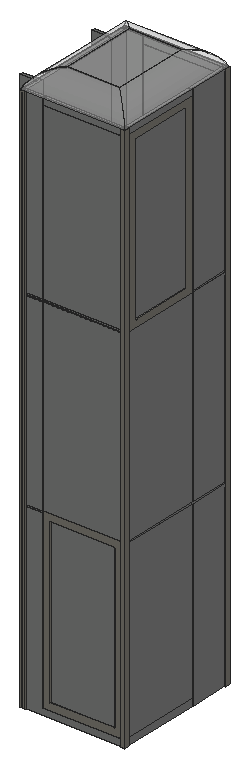
Revit family "Vertical-Lift_Garaventa_Genesis-Enclosure", category Specialty Equipment, Revit 2026
Family settings
  Round Connector Dimension = Use Diameter
  Part Type = Normal
  Classification Number = 23.50.05.11
  Work Plane-Based = No
  Enable Cutting in Views = No
  Always vertical = Yes
  Cut with Voids When Loaded = No
  Maintain Annotation Orientation = No
  Shared = No
  Room Calculation Point = No
Parameters
  Warranty Duration (Years) = 1
  Voltage_MEP [instance] = 120 V
  URL = "www.garaventa.ca"
  Type Comments = ""
  Top Door Head B [instance] = not(and(Top Gate, [180º]))  # yes
  Top Door Head R [instance] = not(or(and(Top Gate, [360ºOpp]), and(Top Gate, [90º])))  # yes
  Top Dome = yes
  Specification = "http://www.arcat.com/sd/clients/garavent.html?coid=32685"
  SpecWizard = "http://www.arcat.com/specwizard/14425gar/index.htm?mf=&coid=32685"
  Side Wall = 16 Ga Galvanized Sheet Steel - Satin Gray
  Top Door Head F [instance] = not(and(Top Gate, [360ºAdj]))  # yes
  Send Message = "http://admin.arcat.com/users.pl?action=UserEmail&company=Garaventa%20Lift&coid=32685&rep=133&fax=604-594-9915&mf="
  Sales Information = "http://architects.garaventa.ca/dealer/index.html"
  R W Upp 2 [instance] = not(or(and(Lift Height < 96.000", [90º]), Lift Height > 96.000"))  # no
  R W Upp [instance] = not(or([90º], [360ºOpp], Lift Height < 96.000"))  # no
  R W Low 2 [instance] = and([90º], Lift Height < 96.000")  # no
  R P [instance] = or([180º], [360ºAdj])  # no
  Product Properties = "http://www.arcat.com/bim/bim_info.pl?fn=Vertical-Lift_Garaventa_Genesis-Enclosure"
  Product Data = "http://www.arcat.com/arcatcos/cos32/arc32685.html"
  Platform Width = 36.000"
  Platform Length = 54.000"
  Platform Height = 42.125"  # constant formula
  Platform Elevation [instance] = 96.000"
  Platform Base = Structural Steel - Black
  W 96 Up [instance] = not(Lift Height < 96.000")  # yes
  Model = "As Specified in the Contract Documents"
  MasterFormat04 Keynote = "14 42 16"
  Mast Height = 122.375"
  Mast = 16 Ga Galvanized Sheet Steel - Satin Gray
  Manufacturer's Notes = ""
  Manufacturer Website = "www.garaventa.ca"
  Manufacturer Phone - Toll Free = "800-663-6556"
  Manufacturer Phone = "604-594-0422"
  Manufacturer Fax = "604-594-9915"
  Manufacturer Email = "tmorisset@garaventa.ca"
  Manufacturer Address = "P.O. Box 1769; Blaine; WA 98231-1769"
  Manufacturer = "Garaventa Lift"
  Maintenance Schedule (Months) = 0
  MEP Apparent Power [instance] = Voltage_MEP * MEP Amperage  # 2400 VA
  MEP Amperage [instance] = 20 A
  Lift Operation = "[10 fpm with Self-lubricating acme screw drive][17 fpm with Chain hydraulic]"
  Keynote = "14425"
  Interm P Dimension [instance] = if(Lift Height < 96.000", 1.000", if(Pit Mount, (Lift Height - 80.000"), Lift Height - 83.000"))  # 85.000"
  Installation-Fabrication = "http://www.garaventa.ca/dsgn/Genesis_Vertical_Lift_Planning_Guide.pdf"
  Installation Phase = "Interior fixtures and fittings"
  Half  Platform Length [instance] = Platform Length / 2  # 27.000"
  Grab Rail = Chrome
  Filler Panel (Optional) [instance] = yes
  F W Upp 2 [instance] = Lift Height < 96.000"  # no
  F W Upp [instance] = not(or([360ºAdj], Lift Height < 96.000"))  # yes
  F R Door 35 [instance] = yes
  Expected Lifespan (Years) = 0
  Drawn By = "Robert S. Weygant, CSI, CDT, SCIP"
  Door Level [instance] = if(Pit Mount, 0.000", 3.000")  # 0.000"
  Dome Material = none
  Description = "Vertical Wheelchair lift - Type as Specified in the Contract Documents"
  Style Door 35 [instance] = not(or(Style Door 41, F R Door 41, F R Door 35))  # no
  Style Door 41 [instance] = no
  Real Lift Height [instance] = if(Pit Mount, (Lift Height + 3.000"), Lift Height)  # 168.000"
  Upp D Height [instance] = if(or(Top Gate, Lift Height < 96.000"), 42.125", 80.000")  # 80.000"
  R W Low [instance] = not(or(and(Lift Height < 96.000", [90º]), [360ºOpp]))  # yes
  R D Upp [instance] = or([90º], [360ºOpp])  # yes
  Pit Depth [instance] = if(Pit Mount, 3.000", 0.000")  # 3.000"
  Pit Mount [instance] = yes
  Panel Height [instance] = Lift Height + (Upp D Height + 3.000")  # 248.000"
  Panel Door = 16 Ga Galvanized Sheet Steel - Satin Gray
  Lift Height = 165.000"
  Framework = Extruded Aluminum - Champagne
  Frame Door = Extruded Aluminum - Champagne
  F R Door 41 [instance] = no
  Low D Height [instance] = if(Top Door, 80.000", 80.000")  # 80.000"
  F D Low [instance] = or([90º], [180º], [360ºAdj])  # yes
  Enclosure Panel = 16 Ga Galvanized Sheet Steel - Satin Gray
  Door Width [instance] = if(F R Door 41, 41.625", if(Style Door 41, 41.125", 35.625"))  # 35.625"
  Half Door Width [instance] = Door Width / 2  # 17.8125"
  Platform CL Dimension [instance] = if(or(Style Door 41, Style Door 35), CL Style Doors, CL F R Doors)  # 35.125"
  Default Elevation = 0.000"
  Copyright = "2009, ARCAT, Inc"
  Construction Details = "http://www.arcat.com/details/garavent/prod0608.html"
  Capacity (Weight) = 750.00 lbf
  CL Style Doors = 35.125"
  CL F R Doors = 35.125"
  Top Gate [instance] = no
  Top Door [instance] = not(Top Gate)  # yes
  Building Code Conformance = "[ASME A18.1; ASME A17.1; ASME A17.5; NFPA 70][CSA B355; CSA B44.1/ASME A17.5; CSA National Electrical Code]"
  Base Width = 55.125"
  Base Length = 59.250"
  B P = or([90º], [360ºOpp], [360ºAdj])  # yes
  B W Upp [instance] = or([90º], [360ºOpp], [360ºAdj])  # yes
  Assembly Code = "D1010310"
  ADA Compliant = yes
  90º = yes
  360ºOpp = no
  360ºAdj = no
  180º = no
Reference planes (in)
  plane 1 "Center (Front/Back)": y = 0
  plane 2 "Bottom Door": z = 0
  plane 3 "Center (Left/Right)": x = 0
  plane 4: x = 27.5625
  plane 5: x = -27.5625
  plane 6: y = 29.625
  plane 7: x = -27.0625
  plane 8 "Right": x = 27.0625
  plane 9 "Bottom Low": z = -3
  plane 10 "Bottom Upp": z = 165
  plane 11: y = -29.625
  plane 12: y = 19.625
  plane 13: x = -18.0625
  plane 14 "Front": y = -29.125
  plane 15 "Back": y = 29.125
  plane 16 "Back Int": y = 27.625
  plane 17: x = 25.6245
  plane 18: x = 30.1875
  plane 19 "Top Low": z = 80
  plane 20 "Reference Plan": z = 76.875
  plane 21 "Center Door": x = 7.5625
  plane 22: x = 25.375
  plane 23: x = -10.25
  plane 24: x = -10.5475
  plane 25: x = 18.8275
  plane 26: x = -7.125
  plane 27: x = 22.25
  plane 28: y = -25.0625
  plane 29: y = 8.625
  plane 30: x = -19.5625
  plane 31: x = 25.1875
  plane 32: y = 27.25
  plane 33: y = -28.6875
  plane 34: y = -27.6875
  plane 35: y = 5.5
  plane 36: x = 26.6245
  plane 37: y = 28.687
  plane 38: y = 27.687
  plane 39: x = -8.375
  plane 40: x = -8.875
  plane 41: x = -9.875
  plane 42: x = 23.5
  plane 43: x = 24
  plane 44: x = 25
  plane 45: y = -25.125
  plane 46: y = -25.5615
  plane 47: y = 64.75
  plane 48: y = -64.75
  plane 49: x = 62.6875
  plane 50: x = 59.5625
  plane 51: y = 61.625
  plane 52: y = 32.25
  plane 53: y = -61.625
  plane 54: y = -32.25
  plane 55 "Top Upper Door": z = 245
  plane 56 "Top Upp": z = 248
  plane 57 "Platform Left": x = -17.3125
  plane 58 "Platform Right": x = 24.6875
  plane 59: x = 7.5625
  plane 60: y = -19.625
  plane 61: x = -20.0625
  plane 62: z = 166
  plane 63: z = 79
  plane 64: z = 0
  plane 65: y = 9.625
  plane 66: z = 165
  plane 67: x = -17.5625
  plane 68 "Right Int": x = 25.5625
  plane 69 "Front Int": y = -27.625
  plane 70: y = 21.125
  plane 71: y = -21.125
  plane 72: y = -26.5615
  plane 73: y = -27
  plane 74: y = -27.25
Forms (in)
  Extrusion 1, solid, material "16 Ga Galvanized Sheet Steel - Satin Gray" <- "Enclosure Panel"
    sketch origin (1.375, 0, 0) x (1, 0, 0) y (0, 1, 0)
      loop
        line (-20.9375, 27.625) -> (-20.9375, 21.125) -> (-28.4375, 21.125) -> (-28.4375, 19.625) -> (-19.4375, 19.625) -> (-19.4375, 27.625) -> (-20.9375, 27.625)
      loop
        line (-20.9375, -27.625) -> (-19.4375, -27.625) -> (-19.4375, -19.625) -> (-28.4375, -19.625) -> (-28.4375, -21.125) -> (-20.9375, -21.125) -> (-20.9375, -27.625)
    from -3 to 248
  Sweep 2, solid, material "Extruded Aluminum - Champagne" <- "Frame Door", visible <- "F D Low"
    path origin (-3, -29.125, 0) x (-1, 0, 0) y (0, 0, 1)
      loop
        line (7.25, 0) -> (7.25, 80) -> (-28.375, 80) -> (-28.375, 0) -> (7.25, 0)
    profile origin (-10.25, -29.125, 40) x (1, 0, 0) y (0, 1, 0)
      loop
        line (0, 0) -> (3.125, 0) -> (3.125, 1.875) -> (0, 1.875) -> (0, 0)
  Extrusion 3, solid, material "16 Ga Galvanized Sheet Steel - Satin Gray" <- "Panel Door", visible <- "F D Low"
    sketch origin (-2, -29.125, 0) x (-1, 0, 0) y (0, 0, 1)
      loop
        line (5.125, 3.125) -> (5.125, 76.875) -> (-24.25, 76.875) -> (-24.25, 3.125) -> (5.125, 3.125)
    from 0.4375 to 1.4375
  Sweep 4, solid, not visible
    path origin (-3, -27.1875, 0) x (-1, 0, 0) y (0, 0, 1)
      loop
        line (10.6725, 0) -> (10.6725, 83.5) -> (-27.9225, 83.5) -> (-27.9225, 0)
    profile origin (-13.6725, -27.1875, 41.75) x (1, 0, 0) y (0, 1, 0)
      loop
        line (0, 0.3) -> (3.125, 0.3) -> (3.125, 1.5) -> (0, 1.5) -> (0, 0.3)
  Extrusion 5, solid, not visible
    sketch origin (-2, -27.1875, 0) x (-1, 0, 0) y (0, 0, 1)
      loop
        line (8.5475, 0) -> (8.5475, 80.375) -> (-23.7975, 80.375) -> (-23.7975, 0) -> (8.5475, 0)
    from 0 to 1.875
  Sweep 6, solid, material "Extruded Aluminum - Champagne" <- "Frame Door", visible <- "360ºOpp"
    path origin (27.0625, 1.375, 0) x (0, 1, 0) y (0, 0, 1)
      loop
        line (-28.375, 0) -> (7.25, 0) -> (7.25, 80) -> (-28.375, 80) -> (-28.375, 0)
    profile origin (27.0625, -27, 40) x (0, -1, 0) y (1, 0, 0)
      loop
        line (0, 0) -> (-3.125, 0) -> (-3.125, -1.875) -> (0, -1.875) -> (0, 0)
  Extrusion 7, solid, material "16 Ga Galvanized Sheet Steel - Satin Gray" <- "Panel Door", visible <- "360ºOpp"
    sketch origin (27.0625, -0.375, 0) x (0, 1, 0) y (0, 0, 1)
      loop
        line (-23.5, 3.125) -> (5.875, 3.125) -> (5.875, 76.875) -> (-23.5, 76.875) -> (-23.5, 3.125)
    from -1.438 to -0.438
  Extrusion 8, solid, material "16 Ga Galvanized Sheet Steel - Satin Gray" <- "Enclosure Panel"
    sketch origin (27.0625, 0, 0) x (0, 1, 0) y (0, 0, 1)
      loop
        line (27.625, -3) -> (27.625, 248) -> (8.625, 248) -> (8.625, 0) -> (-27, 0) -> (-27, 248) -> (-27.625, 248) -> (-27.625, -3) -> (27.625, -3)
    from -1.5 to 0
  Extrusion 9, solid, material "16 Ga Galvanized Sheet Steel - Satin Gray" <- "Enclosure Panel", visible <- "360ºOpp"
    sketch origin (0, -29.125, 0) x (-1, 0, 0) y (0, 0, 1)
      loop
        line (10.25, 0) -> (10.25, 80) -> (-25.375, 80) -> (-25.375, 0) -> (10.25, 0)
    from 0 to 1.5
  Extrusion 10, solid, material "16 Ga Galvanized Sheet Steel - Satin Gray" <- "Enclosure Panel", visible <- "B W Upp"
    sketch origin (0, 29.125, 0) x (-1, 0, 0) y (0, 0, -1)
      loop
        line (10.25, -165) -> (-25.375, -165) -> (-25.375, -245) -> (10.25, -245) -> (10.25, -165)
    from 0 to 1.5
  Sweep 11, solid, material "Extruded Aluminum - Champagne" <- "Frame Door", visible <- "180º"
    path origin (0, 29.125, 102) x (-1, 0, 0) y (0, 0, 1)
      loop
        line (10.25, 63) -> (10.25, 143) -> (-25.375, 143) -> (-25.375, 63) -> (10.25, 63)
    profile origin (-10.25, 29.125, 205) x (-1, 0, 0) y (0, -1, 0)
      loop
        line (0, 0) -> (0, 1.875) -> (-3.125, 1.875) -> (-3.125, 0) -> (0, 0)
  Extrusion 12, solid, material "16 Ga Galvanized Sheet Steel - Satin Gray" <- "Panel Door", visible <- "180º"
    sketch origin (0, 29.125, 102) x (-1, 0, 0) y (0, 0, -1)
      loop
        line (7.125, -66.125) -> (-22.25, -66.125) -> (-22.25, -139.875) -> (7.125, -139.875) -> (7.125, -66.125)
    from 0.438 to 1.5
  Extrusion 13, solid, material "16 Ga Galvanized Sheet Steel - Satin Gray" <- "Enclosure Panel", visible <- "B W Upp"
    sketch origin (0, 29.125, 0) x (-1, 0, 0) y (0, 0, -1)
      loop
        line (-25.375, -165) -> (-25.375, -245) -> (10.25, -245) -> (10.25, -165) -> (-25.375, -165)
    from 0 to 1.5
  Sweep 14, solid, material "Extruded Aluminum - Champagne" <- "Frame Door", visible <- "R D Upp"
    path origin (30.0625, 4.25, 102) x (0, 1, 0) y (0, 0, 1)
      loop
        line (-31.25, 63) -> (4.375, 63) -> (4.375, 143) -> (-31.25, 143) -> (-31.25, 63)
    profile origin (30.0625, -27, 205) x (0, -1, 0) y (1, 0, 0)
      loop
        line (0, -3) -> (-3.125, -3) -> (-3.125, -4.875) -> (0, -4.875) -> (0, -3)
  Extrusion 15, solid, material "16 Ga Galvanized Sheet Steel - Satin Gray" <- "Panel Door", visible <- "R D Upp"
    sketch origin (27.0625, 0.125, 102) x (0, 1, 0) y (0, 0, 1)
      loop
        line (-24, 66.125) -> (5.375, 66.125) -> (5.375, 139.875) -> (-24, 139.875) -> (-24, 66.125)
    from -1.49963 to -0.5
  Extrusion 16, solid, material "16 Ga Galvanized Sheet Steel - Satin Gray" <- "Enclosure Panel", visible <- "R W Low"
    sketch origin (27.0625, 0, 0) x (0, 1, 0) y (0, 0, 1)
      loop
        line (-27, 0) -> (8.625, 0) -> (8.625, 80) -> (-27, 80) -> (-27, 0)
    from -1.5 to 0
  Extrusion 17, solid, material "16 Ga Galvanized Sheet Steel - Satin Gray" <- "Enclosure Panel", visible <- "R W Upp"
    sketch origin (27.0625, 0, 0) x (0, 1, 0) y (0, 0, 1)
      loop
        line (-27.625, 165) -> (8.625, 165) -> (8.625, 245) -> (-27.625, 245) -> (-27.625, 165)
    from -1.5 to 0
  Extrusion 18, solid, material "16 Ga Galvanized Sheet Steel - Satin Gray" <- "Enclosure Panel"
    sketch origin (0, -29.125, 0) x (-1, 0, 0) y (0, 0, 1)
      loop
        line (-27.0625, 248) -> (-27.0625, -3) -> (19.5625, -3) -> (19.5625, 248) -> (10.25, 248) -> (10.25, 0) -> (-25.375, 0) -> (-25.375, 248) -> (-27.0625, 248)
    from 0 to 1.5
  Extrusion 19, solid, material "16 Ga Galvanized Sheet Steel - Satin Gray" <- "Enclosure Panel"
    sketch origin (0, 29.125, 0) x (-1, 0, 0) y (0, 0, -1)
      loop
        line (-27.0625, -248) -> (-25.375, -248) -> (-25.375, -165) -> (10.25, -165) -> (10.25, -248) -> (19.5625, -248) -> (19.5625, 3) -> (-27.0625, 3) -> (-27.0625, -248)
    from 0 to 1.5
  Extrusion 20, solid, material "16 Ga Galvanized Sheet Steel - Satin Gray" <- "Enclosure Panel", visible <- "Top Door Head R"
    sketch origin (27.0625, -74, 0) x (0, 1, 0) y (0, 0, 1)
      loop
        line (46.375, 245) -> (82.625, 245) -> (82.625, 248) -> (46.375, 248) -> (46.375, 245)
    from -1.5 to 0
  Extrusion 21, solid, material "16 Ga Galvanized Sheet Steel - Satin Gray" <- "Enclosure Panel", visible <- "Top Door Head B"
    sketch origin (78, 29.125, 0) x (-1, 0, 0) y (0, 0, -1)
      loop
        line (88.25, -248) -> (88.25, -245) -> (52.625, -245) -> (52.625, -248) -> (88.25, -248)
    from 0 to 1.5
  Extrusion 22, solid, material "Extruded Aluminum - Champagne" <- "Framework"
    sketch origin (0, 0, 0) x (1, 0, 0) y (0, 1, 0)
      loop
        line (25.5625, -29.625) -> (27.5625, -29.625) -> (27.5625, -27.625) -> (27.0625, -27.625) -> (27.0625, -29.125) -> (25.5625, -29.125) -> (25.5625, -29.625)
      loop
        line (-18.0625, -29.625) -> (-18.0625, -29.125) -> (-19.5625, -29.125) -> (-19.5625, -27.625) -> (-20.0625, -27.625) -> (-20.0625, -29.625) -> (-18.0625, -29.625)
      loop
        line (25.5625, 29.625) -> (25.5625, 29.125) -> (27.0625, 29.125) -> (27.0625, 27.625) -> (27.5625, 27.625) -> (27.5625, 29.625) -> (25.5625, 29.625)
      loop
        line (-18.0625, 29.625) -> (-20.0625, 29.625) -> (-20.0625, 27.625) -> (-19.5625, 27.625) -> (-19.5625, 29.125) -> (-18.0625, 29.125) -> (-18.0625, 29.625)
    from -3 to 248
  Extrusion 23, solid, material "16 Ga Galvanized Sheet Steel - Satin Gray" <- "Enclosure Panel", visible <- "W 96 Up"
    sketch origin (27.0625, 0, 0) x (0, 1, 0) y (0, 0, 1)
      loop
        line (-27, 80) -> (8.625, 80) -> (8.625, 165) -> (-27, 165) -> (-27, 80)
    from -1.5 to 0
  Sweep 24, void
    path origin (0, -29.125, 166) x (-1, 0, 0) y (0, 0, -1)
      loop
        line (-27.0625, 86) -> (19.5625, 86)
    profile origin (3.75, -29.125, 80) x (0, 0, 1) y (0, 1, 0)
      loop
        line (0, -0.1) -> (0, 0.3) -> (-1, 0.3) -> (-1, -0.1) -> (0, -0.1)
  Sweep 25, void
    path origin (27.0625, 0, 166) x (0, 1, 0) y (0, 0, -1)
      loop
        line (29.125, 86) -> (-29.125, 86)
    profile origin (27.0625, 0, 80) x (0, 0, -1) y (1, 0, 0)
      loop
        line (1, 0.1) -> (0, 0.1) -> (0, -0.3) -> (1, -0.3) -> (1, 0.1)
  Sweep 26, void
    path origin (0, 29.125, 166) x (-1, 0, 0) y (0, 0, -1)
      loop
        line (19.5625, 86) -> (-27.0625, 86)
    profile origin (3.75, 29.125, 80) x (0, 0, 1) y (0, -1, 0)
      loop
        line (0, 0.3) -> (-1, 0.3) -> (-1, -0.1) -> (0, -0.1) -> (0, 0.3)
  Sweep 27, void
    path origin (0, 29.125, 262.875) x (-1, 0, 0) y (0, 0, -1)
      loop
        line (19.5625, 96.875) -> (-27.0625, 96.875)
    profile origin (3.75, 29.125, 166) x (0, 0, 1) y (0, -1, 0)
      loop
        line (0, 0.3) -> (-1, 0.3) -> (-1, -0.1) -> (0, -0.1) -> (0, 0.3)
  Sweep 28, void
    path origin (27.0625, 0, 255) x (0, 1, 0) y (0, 0, -1)
      loop
        line (29.125, 90) -> (-29.125, 90)
    profile origin (27.0625, 0, 165) x (0, 0, -1) y (1, 0, 0)
      loop
        line (-1, 0.1) -> (-1, -0.3) -> (0, -0.3) -> (0, 0.1) -> (-1, 0.1)
  Sweep 29, void
    path origin (0, -29.125, 251.75) x (-1, 0, 0) y (0, 0, -1)
      loop
        line (-27.0625, 86.75) -> (19.5625, 86.75)
    profile origin (3.75, -29.125, 165) x (0, 0, 1) y (0, 1, 0)
      loop
        line (0, -0.1) -> (1, -0.1) -> (1, 0.3) -> (0, 0.3) -> (0, -0.1)
  Sweep 30, void
    path origin (27.0625, 2.375, 0) x (0, 1, 0) y (0, 0, 1)
      loop
        line (6.25, 248) -> (6.25, -3)
    profile origin (27.0625, 8.625, 122.5) x (1, 0, 0) y (0, 1, 0)
      loop
        line (0.5, 0) -> (0.5, 1) -> (-0.3, 1) -> (-0.3, 0) -> (0.5, 0)
  Sweep 31, solid, material "Extruded Aluminum - Champagne" <- "Frame Door", visible <- "360ºAdj"
    path origin (-3, -29.125, 93) x (-1, 0, 0) y (0, 0, 1)
      loop
        line (7.25, 72) -> (7.25, 152) -> (-28.375, 152) -> (-28.375, 72) -> (7.25, 72)
    profile origin (-10.25, -29.125, 205) x (1, 0, 0) y (0, 1, 0)
      loop
        line (0, 0) -> (3.125, 0) -> (3.125, 1.875) -> (0, 1.875) -> (0, 0)
  Extrusion 32, solid, material "16 Ga Galvanized Sheet Steel - Satin Gray" <- "Panel Door", visible <- "360ºAdj"
    sketch origin (-2, -29.125, 93) x (-1, 0, 0) y (0, 0, 1)
      loop
        line (5.125, 75.125) -> (5.125, 148.875) -> (-24.25, 148.875) -> (-24.25, 75.125) -> (5.125, 75.125)
    from 0.4375 to 1.4375
  Extrusion 33, solid, material "16 Ga Galvanized Sheet Steel - Satin Gray" <- "Enclosure Panel", visible <- "F W Upp"
    sketch origin (0, -29.125, 93) x (-1, 0, 0) y (0, 0, 1)
      loop
        line (10.25, 72) -> (10.25, 152) -> (-25.375, 152) -> (-25.375, 72) -> (10.25, 72)
    from 0 to 1.5
  Extrusion 34, solid, material "16 Ga Galvanized Sheet Steel - Satin Gray" <- "Enclosure Panel", visible <- "Top Door Head F"
    sketch origin (5, -29.125, 0) x (-1, 0, 0) y (0, 0, 1)
      loop
        line (-20.375, 248) -> (-20.375, 245) -> (15.25, 245) -> (15.25, 248) -> (-20.375, 248)
    from 0 to 1.5
  Extrusion 35, solid, material "16 Ga Galvanized Sheet Steel - Satin Gray" <- "Enclosure Panel", visible <- "W 96 Up"
    sketch origin (13, -29.125, 0) x (-1, 0, 0) y (0, 0, 1)
      loop
        line (-12.375, 80) -> (23.25, 80) -> (23.25, 165) -> (-12.375, 165) -> (-12.375, 80)
    from 0 to 1.5
  Extrusion 36, solid, material "16 Ga Galvanized Sheet Steel - Satin Gray" <- "Enclosure Panel", visible <- "F W Upp 2"
    sketch origin (5, -29.125, -10) x (-1, 0, 0) y (0, 0, 1)
      loop
        line (-20.375, 258) -> (-20.375, 90) -> (15.25, 90) -> (15.25, 258) -> (-20.375, 258)
    from 0 to 1.5
  Extrusion 37, solid, material "16 Ga Galvanized Sheet Steel - Satin Gray" <- "Enclosure Panel", visible <- "R W Upp 2"
    sketch origin (27.0625, -74, -30) x (0, 1, 0) y (0, 0, 1)
      loop
        line (47, 110) -> (82.625, 110) -> (82.625, 278) -> (47, 278) -> (47, 110)
    from -1.5 to 0
  Extrusion 38, solid, material "16 Ga Galvanized Sheet Steel - Satin Gray" <- "Enclosure Panel", visible <- "R W Low 2"
    sketch origin (27.0625, 0, 10) x (0, 1, 0) y (0, 0, 1)
      loop
        line (-27, -13) -> (8.625, -13) -> (8.625, 155) -> (-27, 155) -> (-27, -13)
    from -1.5 to 0
  Sweep 39, solid, material "Plexiglas - Opaque", visible <- "Top Dome"
    path origin (0, 0, 248) x (0, -1, 0) y (1, 0, 0)
      loop
        line (-29.625, -20.0625) -> (29.625, -20.0625) -> (29.625, 27.5625) -> (-29.625, 27.5625) -> (-29.625, -20.0625)
    profile origin (3.75, 29.625, 248) x (0, 1, 0) y (0, 0, 1)
      loop
        line (-12, 8) -> (-12, 7.75)
        arc (-12, 7.75) -> (-4.97104, 5.63749) -> (-0.2713, 0) r 12.75
        line (-0.2713, 0) -> (0, 0)
        arc (0, 0) -> (-4.7889, 5.81665) -> (-12, 8) r 13
  Extrusion 40, solid, material "Plexiglas - Opaque", visible <- "Top Dome"
    sketch origin (0, 0, 248) x (0, -1, 0) y (1, 0, 0)
      loop
        line (-17.625, 15.5625) -> (-17.625, -8.0625) -> (17.625, -8.0625) -> (17.625, 15.5625) -> (-17.625, 15.5625)
    from 7.75 to 8
  Extrusion 41, solid, material "16 Ga Galvanized Sheet Steel - Satin Gray" <- "Enclosure Panel", visible <- "Filler Panel (Optional)"
    sketch origin (0, 0, 248) x (0, -1, 0) y (1, 0, 0)
      loop
        line (-19.625, -19.5625) -> (19.625, -19.5625) -> (19.625, -18.0625) -> (-19.625, -18.0625) -> (-19.625, -19.5625)
    from -248 to 0
Cuts and joins
  Sweep 24 cuts Extrusion 9
  Sweep 30 cuts Extrusion 20
  Sweep 25, Sweep 28, Sweep 30 cuts Extrusion 16
  Sweep 25, Sweep 26, Sweep 27, Sweep 28 cuts Extrusion 19
  Sweep 24, Sweep 25, Sweep 28, Sweep 29 cuts Extrusion 18
  Sweep 25, Sweep 28, Sweep 30 cuts Extrusion 8
  Sweep 30 cuts Extrusion 22
  Sweep 30 cuts Extrusion 23
  Sweep 26, Sweep 27 cuts Extrusion 10
  Sweep 26, Sweep 27 cuts Extrusion 13
  Sweep 27 cuts Extrusion 21
  Sweep 30 cuts Sweep 14
  Sweep 25, Sweep 28, Sweep 30 cuts Extrusion 17
  Sweep 30 cuts Sweep 6
  Sweep 29 cuts Extrusion 33
  Sweep 25, Sweep 28 cuts Extrusion 37
  joined: Sweep 39, Extrusion 40
Lines and regions (in)
  symbolic lines, visible <- "F D Low", built-in parameter 1006206 <- "180º"
    curve 1: line (-10.25, -29.125, 0) -> (-10.25, -32.25, 0)
    curve 2: line (-8.375, -29.125, 0) -> (-10.25, -29.125, 0)
    curve 3: line (-8.875, -61.625, 0) -> (-8.875, -32.25, 0)
    curve 8: line (-10.25, -64.75, 0) -> (-10.25, -61.625, 0)
    curve 9: line (-8.375, -64.75, 0) -> (-10.25, -64.75, 0)
  symbolic lines, visible <- "F D Low"
    curve 4: line (-8.375, -32.25, 0) -> (-8.875, -32.25, 0)
    curve 5: line (-9.875, -32.25, 0) -> (-10.25, -32.25, 0)
    curve 6: line (-9.875, -32.25, 0) -> (-9.875, -61.625, 0)
    curve 7: line (-8.375, -32.25, 0) -> (-8.375, -29.125, 0)
    curve 10: line (-8.375, -61.625, 0) -> (-8.875, -61.625, 0)
    curve 11: line (-9.875, -61.625, 0) -> (-10.25, -61.625, 0)
    curve 12: line (-8.375, -61.625, 0) -> (-8.375, -64.75, 0)
    curve 13: arc (-8.375, -64.75, 0) -> (15.61161, -53.67482, 0) -> (25.375, -29.125, 0) r 35.62676
  symbolic lines, built-in parameter 1006206 <- "180º", visible <- "R D Upp"
    curve 14: line (27.0625, -27, 0) -> (30.1875, -27, 0)
    curve 15: line (27.0625, -25.125, 0) -> (27.0625, -27, 0)
    curve 16: line (59.5625, -25.5615, 0) -> (30.1875, -25.5615, 0)
    curve 21: line (62.6875, -27, 0) -> (59.5625, -27, 0)
    curve 22: line (62.6875, -25.125, 0) -> (62.6875, -27, 0)
  symbolic lines, visible <- "R D Upp"
    curve 17: line (30.1875, -25.125, 0) -> (30.1875, -25.5615, 0)
    curve 18: line (30.1875, -26.5615, 0) -> (30.1875, -27, 0)
    curve 19: line (30.1875, -26.5615, 0) -> (59.5625, -26.5615, 0)
    curve 20: line (30.1875, -25.125, 0) -> (27.0625, -25.125, 0)
    curve 23: line (59.5625, -25.125, 0) -> (59.5625, -25.5615, 0)
    curve 24: line (59.5625, -26.5615, 0) -> (59.5625, -27, 0)
    curve 25: line (59.5625, -25.125, 0) -> (62.6875, -25.125, 0)
    curve 26: arc (62.6875, -25.125, 0) -> (51.94329, -0.78903, 0) -> (27.0625, 8.625, 0) r 34.42852
  symbolic lines, visible <- "180º", built-in parameter 1006206 <- "180º"
    curve 27: line (-10.25, 29.125, 0) -> (-10.25, 32.25, 0)
    curve 28: line (-8.375, 29.125, 0) -> (-10.25, 29.125, 0)
    curve 29: line (-8.875, 61.625, 0) -> (-8.875, 32.25, 0)
    curve 34: line (-10.25, 64.75, 0) -> (-10.25, 61.625, 0)
    curve 35: line (-8.375, 64.75, 0) -> (-10.25, 64.75, 0)
  symbolic lines, visible <- "180º"
    curve 30: line (-8.375, 32.25, 0) -> (-8.875, 32.25, 0)
    curve 31: line (-9.875, 32.25, 0) -> (-10.25, 32.25, 0)
    curve 32: line (-9.875, 32.25, 0) -> (-9.875, 61.625, 0)
    curve 33: line (-8.375, 32.25, 0) -> (-8.375, 29.125, 0)
    curve 36: line (-8.375, 61.625, 0) -> (-8.875, 61.625, 0)
    curve 37: line (-9.875, 61.625, 0) -> (-10.25, 61.625, 0)
    curve 38: line (-8.375, 61.625, 0) -> (-8.375, 64.75, 0)
    curve 39: arc (-8.375, 64.75, 0) -> (15.741, 53.79739, 0) -> (25.375, 29.125, 0) r 35.16681
Dimensions and locks (in)
  "Base Width": plane 5 to plane 4
  locked: plane 5 to plane 7 at 0.5
  equal spacing: plane 5, plane 3 "Center (Left/Right)", plane 4
  "Base Length": plane 11 to plane 6
  equal spacing: plane 11, plane 1 "Center (Front/Back)", plane 6
  plane 12 to plane 1 "Center (Front/Back)" to plane 60 = 19.625" locked, 19.625" locked
  plane 16 "Back Int" to plane 15 "Back" to plane 6 = 1.500" locked, 0.500" locked
  locked: plane 19 "Top Low" to plane 20 "Reference Plan" at 3.125
  Sweep 6 sketch curve to Sweep 6 sketch curve = 3.125"
  locked: plane 23 to plane 26 at 3.125
  locked: plane 27 to plane 22 at 3.125
  locked: plane 30 to plane 13 at 1.5
  locked: plane 31 to plane 8 "Right" at 1.875
  locked: plane 32 to plane 15 "Back" at 1.875
  plane 38 to plane 37 to plane 15 "Back" = 1.000" locked, 0.438" locked
  plane 23 to plane 41 to plane 40 to plane 39 = 0.375" locked, 1.000" locked, 0.500" locked
  plane 42 to plane 43 to plane 44 to plane 22 = 0.500" locked, 1.000" locked, 0.375" locked
  "Door Width": plane 15 "Back" to plane 47
  "Door Width": plane 48 to plane 14 "Front"
  "Door Width": plane 8 "Right" to plane 49
  Sweep 14 sketch curve to Sweep 14 sketch curve = 3.125"
  "Low D Height": plane 19 "Top Low" to plane 2 "Bottom Door"
  "Panel Height": plane 56 "Top Upp" to level
  "Pit Depth": level to plane 9 "Bottom Low"
  "Real Lift Height": plane 10 "Bottom Upp" to plane 9 "Bottom Low"
  locked: plane 50 to plane 49 at 3.125
  locked: plane 8 "Right" to plane 18 at 3.125
  locked: plane 53 to plane 48 at 3.125
  locked: plane 14 "Front" to plane 54 at 3.125
  "Door Width": plane 23 to plane 22
  "Half Door Width": plane 21 "Center Door" to plane 22
  locked: plane 51 to plane 47 at 3.125
  locked: plane 15 "Back" to plane 52 at 3.125
  locked: plane 29 to plane 35 at 3.125
  "Platform CL Dimension": plane 5 to plane 59
  locked: plane 61 to plane 30 at 0.5
  Sweep 24 sketch curve to Sweep 24 sketch curve = 1.000"
  "Upp D Height": plane 55 "Top Upper Door" to plane 10 "Bottom Upp"
  plane 10 "Bottom Upp" to plane 64 = 165.000"
  locked: plane 62 to plane 10 "Bottom Upp" at 1
  locked: plane 19 "Top Low" to plane 63 at 1
  "Door Level": plane 2 "Bottom Door" to plane 64
  locked: plane 29 to plane 65 at 1
  "Interm P Dimension": plane 66 to plane 19 "Top Low"
  locked: plane 13 to plane 67 at 0.5
  plane 69 "Front Int" to plane 14 "Front" to plane 11 = 1.500" locked, 0.500" locked
  plane 17 to plane 36 to plane 8 "Right" = 1.000" locked, 0.438" locked
  plane 16 "Back Int" to plane 15 "Back" to plane 6 = 1.500", 0.500"
  locked: plane 60 to plane 71 at 1.5
  locked: plane 12 to plane 70 at 1.5
  plane 68 "Right Int" to plane 8 "Right" to plane 4 = 1.500" locked, 0.500" locked
  locked: plane 45 to plane 73 at 1.875
  plane 45 to plane 46 to plane 72 to plane 73 = 0.4365", 1.000", 0.4385"
  "Half  Platform Length": plane 73 to plane 1 "Center (Front/Back)"
  "Door Width": plane 29 to plane 73
  locked: plane 74 to plane 14 "Front" at 1.875
  plane 74 to plane 34 to plane 33 = 0.4375", 1.000"
  locked: plane 56 "Top Upp" to Sweep 39 sketch curve at 8
  locked: plane 15 "Back" to Sweep 39 sketch curve at 11.5
  aligned and locked: plane 12 to Extrusion 1
  aligned and locked: Extrusion 1 sketch curve to plane 7  (x2)
  aligned and locked: Extrusion 1 sketch curve to plane 13
  aligned and locked: plane 13 to Extrusion 1 sketch curve
  aligned and locked: Extrusion 3 to plane 20 "Reference Plan"
  aligned and locked: Sweep 2 sketch curve to plane 19 "Top Low"
  aligned and locked: Extrusion 1 to plane 16 "Back Int"
  aligned and locked: plane 34 to Extrusion 3
  aligned and locked: Extrusion 3 to plane 33
  aligned and locked: Sweep 6 sketch curve to plane 19 "Top Low"
  aligned and locked: Sweep 6 sketch curve to plane 29
  aligned and locked: Extrusion 8 to plane 16 "Back Int"
  aligned and locked: plane 54 to curve 5
  aligned and locked: plane 54 to curve 4
  aligned and locked: curve 3 to plane 40
  aligned and locked: curve 7 to plane 39
  aligned and locked: plane 53 to curve 11
  aligned and locked: plane 53 to curve 10
  aligned and locked: plane 48 to curve 9
  aligned and locked: Sweep 2 to curve 13
  aligned and locked: curve 15 to plane 8 "Right"
  aligned and locked: plane 45 to curve 20
  aligned and locked: curve 17 to plane 18
  aligned and locked: curve 18 to plane 18
  aligned and locked: curve 24 to plane 50
  aligned and locked: curve 23 to plane 50
  aligned and locked: curve 25 to plane 45
  aligned and locked: curve 22 to plane 49
  aligned and locked: curve 28 to plane 15 "Back"
  aligned and locked: curve 31 to plane 52
  aligned and locked: curve 30 to plane 52
  aligned and locked: curve 37 to plane 51
  aligned and locked: curve 36 to plane 51
  aligned and locked: curve 35 to plane 47
  aligned and locked: curve 38 to plane 39
  aligned and locked: Extrusion 1 to plane 56 "Top Upp"
  aligned and locked: plane 22 to Extrusion 9 sketch curve
  aligned and locked: plane 23 to Extrusion 9 sketch curve
  aligned and locked: plane 55 "Top Upper Door" to Extrusion 10 sketch curve
  aligned and locked: Extrusion 10 sketch curve to plane 22
  aligned and locked: Extrusion 13 sketch curve to Extrusion 10  (x2)
  aligned and locked: Extrusion 16 sketch curve to Sweep 6
  aligned and locked: plane 29 to Extrusion 17 sketch curve
  aligned and locked: plane 9 "Bottom Low" to Extrusion 1
  aligned and locked: plane 9 "Bottom Low" to Extrusion 8 sketch curve
  aligned and locked: Extrusion 3 to plane 27
  aligned and locked: Extrusion 3 to plane 26
  aligned and locked: cut or joined group of Extrusion 9, Sweep 24 to plane 22
  aligned and locked: plane 23 to cut or joined group of Extrusion 9, Sweep 24
  aligned and locked: plane 9 "Bottom Low" to Extrusion 18 sketch curve
  aligned and locked: plane 56 "Top Upp" to Extrusion 18 sketch curve  (x2)
  aligned and locked: Extrusion 19 sketch curve to plane 9 "Bottom Low"
  aligned and locked: Extrusion 19 sketch curve to plane 56 "Top Upp"
  aligned and locked: plane 23 to Extrusion 10 sketch curve
  aligned and locked: plane 10 "Bottom Upp" to Extrusion 10 sketch curve
  aligned and locked: Extrusion 12 sketch curve to Sweep 11  (x2)
  aligned and locked: Sweep 11 sketch curve to plane 10 "Bottom Upp"
  aligned and locked: plane 2 "Bottom Door" to Sweep 2 sketch curve
  aligned and locked: Sweep 6 sketch curve to plane 2 "Bottom Door"
  aligned and locked: Sweep 14 sketch curve to plane 10 "Bottom Upp"
  aligned and locked: Extrusion 15 sketch curve to Sweep 14
  aligned and locked: plane 10 "Bottom Upp" to Extrusion 19 sketch curve
  aligned and locked: Extrusion 1 to plane 30  (x2)
  aligned and locked: plane 30 to Extrusion 19 sketch curve
  aligned and locked: plane 8 "Right" to Extrusion 19 sketch curve
  aligned and locked: plane 22 to Extrusion 13
  aligned and locked: Extrusion 18 sketch curve to plane 8 "Right"
  aligned and locked: Extrusion 18 sketch curve to plane 30
  aligned and locked: plane 22 to Extrusion 19 sketch curve
  aligned and locked: plane 23 to Extrusion 19 sketch curve
  aligned and locked: plane 59 to plane 21 "Center Door"
  aligned and locked: plane 22 to Sweep 11 sketch curve
  aligned and locked: plane 55 "Top Upper Door" to Sweep 11 sketch curve
  aligned and locked: plane 23 to Sweep 11 sketch curve
  aligned and locked: plane 55 "Top Upper Door" to Extrusion 20 sketch curve
  aligned and locked: Extrusion 20 sketch curve to plane 29
  aligned and locked: plane 56 "Top Upp" to Extrusion 20 sketch curve
  aligned and locked: cut or joined group of Extrusion 19, Sweep 25, Sweep 26, Sweep 27, Sweep 28 to Extrusion 21 sketch curve
  aligned and locked: Extrusion 21 sketch curve to cut or joined group of Extrusion 19, Sweep 25, Sweep 26, Sweep 27, Sweep 28
  aligned and locked: Extrusion 21 sketch curve to Extrusion 10  (x2)
  aligned and locked: plane 1 "Center (Front/Back)" to nested 1
  aligned and locked: plane 3 "Center (Left/Right)" to nested 1
  aligned and locked: Extrusion 16 sketch curve to plane 2 "Bottom Door"
  aligned and locked: Extrusion 22 sketch curve to plane 11
  aligned and locked: Extrusion 22 sketch curve to plane 14 "Front"
  aligned and locked: Extrusion 22 sketch curve to plane 8 "Right"
  aligned and locked: Extrusion 22 sketch curve to plane 4
  aligned and locked: Extrusion 22 sketch curve to plane 13
  aligned and locked: Extrusion 22 sketch curve to plane 30
  aligned and locked: Extrusion 22 sketch curve to plane 61
  aligned and locked: plane 14 "Front" to Extrusion 22 sketch curve
  aligned and locked: plane 11 to Extrusion 22 sketch curve
  aligned and locked: plane 4 to Extrusion 22 sketch curve
  aligned and locked: plane 16 "Back Int" to Extrusion 22 sketch curve
  aligned and locked: plane 15 "Back" to Extrusion 22 sketch curve
  aligned and locked: plane 6 to Extrusion 22 sketch curve
  aligned and locked: plane 8 "Right" to Extrusion 22 sketch curve
  aligned and locked: Extrusion 22 sketch curve to plane 16 "Back Int"
  aligned and locked: Extrusion 22 sketch curve to plane 15 "Back"
  aligned and locked: Extrusion 22 sketch curve to plane 6
  aligned and locked: plane 61 to Extrusion 22 sketch curve
  aligned and locked: plane 13 to Extrusion 22 sketch curve
  aligned and locked: plane 30 to Extrusion 22 sketch curve
  aligned and locked: plane 9 "Bottom Low" to Extrusion 22
  aligned and locked: Extrusion 22 to plane 56 "Top Upp"
  aligned and locked: Extrusion 8 sketch curve to plane 2 "Bottom Door"
  aligned and locked: plane 29 to Extrusion 23
  aligned and locked: cut or joined group of Extrusion 8, Sweep 25, Sweep 28, Sweep 30 to plane 56 "Top Upp"
  aligned and locked: plane 8 "Right" to Sweep 27 sketch curve
  aligned and locked: plane 62 to Sweep 27 sketch curve
  aligned and locked: plane 15 "Back" to Sweep 28 sketch curve
  aligned and locked: Sweep 28 sketch curve to plane 10 "Bottom Upp"
  aligned and locked: plane 30 to Sweep 29 sketch curve
  aligned and locked: Sweep 29 sketch curve to plane 10 "Bottom Upp"
  aligned and locked: plane 8 "Right" to Sweep 29 sketch curve
  aligned and locked: plane 30 to Sweep 24 sketch curve
  aligned and locked: Sweep 24 sketch curve to plane 19 "Top Low"
  aligned and locked: plane 8 "Right" to Sweep 24 sketch curve
  aligned and locked: plane 9 "Bottom Low" to cut or joined group of Extrusion 18, Sweep 24, Sweep 25, Sweep 28, Sweep 29
  aligned and locked: plane 19 "Top Low" to cut or joined group of Extrusion 23, Sweep 30
  aligned and locked: cut or joined group of Extrusion 16, Sweep 25, Sweep 28, Sweep 30 to plane 19 "Top Low"
  aligned and locked: level to plane 64
  aligned and locked: Sweep 30 sketch curve to plane 29
  aligned and locked: plane 9 "Bottom Low" to Sweep 30 sketch curve
  aligned and locked: plane 56 "Top Upp" to Sweep 30 sketch curve
  aligned and locked: Sweep 30 sketch curve to plane 65
  aligned and locked: plane 29 to Sweep 30 sketch curve
  aligned and locked: Sweep 30 sketch curve to plane 4
  aligned and locked: plane 66 to cut or joined group of Extrusion 23, Sweep 30
  aligned and locked: cut or joined group of Extrusion 17, Sweep 25, Sweep 28, Sweep 30 to plane 55 "Top Upper Door"
  aligned and locked: Sweep 14 sketch curve to plane 55 "Top Upper Door"
  aligned and locked: cut or joined group of Extrusion 9, Sweep 24 to plane 2 "Bottom Door"
  aligned and locked: Extrusion 18 sketch curve to plane 2 "Bottom Door"
  aligned and locked: plane 30 to Sweep 27 sketch curve
  aligned and locked: Extrusion 18 sketch curve to plane 23
  aligned and locked: plane 22 to Extrusion 18 sketch curve
  aligned and locked: Sweep 31 sketch curve to plane 55 "Top Upper Door"
  aligned and locked: Sweep 31 sketch curve to plane 23  (x2)
  aligned and locked: Sweep 31 sketch curve to plane 22
  aligned and locked: Extrusion 32 to Sweep 31  (x4)
  aligned and locked: plane 10 "Bottom Upp" to Extrusion 33
  aligned and locked: plane 23 to Extrusion 33
  aligned and locked: plane 22 to Extrusion 33
  aligned and locked: Extrusion 33 to plane 55 "Top Upper Door"
  aligned and locked: Extrusion 34 sketch curve to plane 55 "Top Upper Door"
  aligned and locked: Extrusion 34 sketch curve to plane 56 "Top Upp"
  aligned and locked: plane 23 to Extrusion 34 sketch curve
  aligned and locked: Extrusion 34 sketch curve to plane 22
  aligned and locked: Extrusion 35 sketch curve to plane 23
  aligned and locked: plane 66 to Extrusion 35 sketch curve
  aligned and locked: Extrusion 35 sketch curve to plane 19 "Top Low"
  aligned and locked: Extrusion 35 sketch curve to plane 22
  aligned and locked: Sweep 14 sketch curve to plane 29
  aligned and locked: plane 14 "Front" to Sweep 28 sketch curve
  aligned and locked: Sweep 30 sketch curve to cut or joined group of Extrusion 8, Sweep 25, Sweep 28, Sweep 30
  aligned and locked: Extrusion 36 to plane 56 "Top Upp"
  aligned and locked: plane 19 "Top Low" to Extrusion 37
  aligned and locked: plane 29 to Extrusion 37
  aligned and locked: Extrusion 37 to plane 56 "Top Upp"
  aligned and locked: Sweep 2 sketch curve to plane 26
  aligned and locked: plane 14 "Front" to Sweep 2 sketch curve
  aligned and locked: Sweep 2 sketch curve to plane 23
  aligned and locked: Extrusion 3 to Sweep 2
  aligned and locked: Extrusion 38 to plane 10 "Bottom Upp"
  aligned and locked: plane 9 "Bottom Low" to Extrusion 38
  aligned and locked: plane 29 to Extrusion 38
  aligned and locked: plane 69 "Front Int" to cut or joined group of Extrusion 18, Sweep 24, Sweep 25, Sweep 28, Sweep 29
  aligned and locked: plane 69 "Front Int" to cut or joined group of Extrusion 22, Sweep 30
  aligned and locked: Extrusion 38 to plane 68 "Right Int"
  aligned and locked: cut or joined group of Extrusion 16, Sweep 25, Sweep 28, Sweep 30 to plane 68 "Right Int"
  aligned and locked: cut or joined group of Extrusion 8, Sweep 25, Sweep 28, Sweep 30 to plane 68 "Right Int"
  aligned and locked: Extrusion 12 to plane 37
  aligned and locked: plane 16 "Back Int" to cut or joined group of Extrusion 19, Sweep 25, Sweep 26, Sweep 27, Sweep 28
  aligned and locked: cut or joined group of Extrusion 10, Sweep 26, Sweep 27 to plane 15 "Back"
  aligned and locked: plane 16 "Back Int" to cut or joined group of Extrusion 13, Sweep 26, Sweep 27
  aligned and locked: cut or joined group of Sweep 25, Sweep 28, Extrusion 37 to plane 68 "Right Int"
  aligned and locked: cut or joined group of Extrusion 17, Sweep 25, Sweep 28, Sweep 30 to plane 68 "Right Int"
  aligned and locked: cut or joined group of Extrusion 23, Sweep 30 to plane 68 "Right Int"
  aligned and locked: Extrusion 1 to plane 70
  aligned and locked: Extrusion 1 to plane 71
  aligned and locked: Extrusion 22 sketch curve to plane 68 "Right Int"
  aligned and locked: plane 68 "Right Int" to Extrusion 22 sketch curve
  aligned and locked: plane 14 "Front" to Sweep 31 sketch curve
  aligned and locked: Sweep 31 sketch curve to plane 26
  aligned and locked: plane 72 to curve 19
  aligned and locked: plane 29 to Extrusion 38 sketch curve
  aligned and locked: Extrusion 8 sketch curve to plane 56 "Top Upp"
  aligned and locked: plane 73 to curve 21
  aligned and locked: curve 14 to plane 73
  aligned and locked: cut or joined group of Sweep 25, Sweep 28, Extrusion 37 to plane 73  (x3)
  aligned and locked: cut or joined group of Sweep 14, Sweep 30 to plane 73
  aligned and locked: plane 73 to cut or joined group of Extrusion 8, Sweep 25, Sweep 28, Sweep 30
  aligned and locked: Extrusion 38 to plane 73  (x10)
  aligned and locked: cut or joined group of Extrusion 23, Sweep 30 to plane 73
  aligned and locked: cut or joined group of Sweep 6, Sweep 30 to plane 73
  aligned and locked: cut or joined group of Extrusion 16, Sweep 25, Sweep 28, Sweep 30 to plane 73
  aligned and locked: cut or joined group of Extrusion 8, Sweep 25, Sweep 28, Sweep 30 to plane 69 "Front Int"
  aligned and locked: Extrusion 38 sketch curve to plane 73
  aligned and locked: Extrusion 38 sketch curve to plane 10 "Bottom Upp"
  aligned and locked: plane 69 "Front Int" to Extrusion 22 sketch curve
  aligned and locked: Extrusion 22 sketch curve to plane 69 "Front Int"
  aligned and locked: cut or joined group of Extrusion 20, Sweep 30 to plane 69 "Front Int"
  aligned and locked: cut or joined group of Extrusion 17, Sweep 25, Sweep 28, Sweep 30 to plane 69 "Front Int"
  aligned and locked: Sweep 31 sketch curve to plane 74
  aligned and locked: Extrusion 1 to plane 69 "Front Int"
  aligned and locked: Extrusion 7 to cut or joined group of Sweep 6, Sweep 30  (x3)
  aligned and locked: plane 35 to Extrusion 7
  aligned and locked: Extrusion 15 sketch curve to cut or joined group of Sweep 14, Sweep 30  (x3)
  aligned and locked: Sweep 39 sketch curve to plane 4
  aligned and locked: plane 6 to Sweep 39 sketch curve
  aligned and locked: plane 11 to Sweep 39 sketch curve
  aligned and locked: plane 61 to Sweep 39 sketch curve
  aligned and locked: Extrusion 40 sketch curve to Sweep 39  (x4)
  aligned and locked: Extrusion 40 to Sweep 39  (x2)
  aligned and locked: plane 30 to Extrusion 41 sketch curve
  aligned and locked: Extrusion 41 sketch curve to plane 12
  aligned and locked: Extrusion 41 sketch curve to Extrusion 1  (x2)
  aligned and locked: Extrusion 41 to plane 56 "Top Upp"
  aligned and locked: Extrusion 41 to plane 64
Automatic sketch dimensions
  Sweep 4 sketch curve to profile plane = 0.000"
  Sweep 4 sketch curve to Sweep 4 sketch curve = 3.125"
  Sweep 4 sketch curve to Sweep 4 sketch curve = 1.200"
  Sweep 4 sketch curve to Sweep 4 sketch curve = 38.595"
  Sweep 4 sketch curve to Sweep 4 sketch curve = 0.000"
  Sweep 4 sketch curve to Sweep 4 sketch curve = 83.500"
  profile plane to Sweep 4 sketch curve = 0.300"
  Extrusion 5 sketch curve to Extrusion 5 sketch curve = 32.345"
  Extrusion 5 sketch curve to Extrusion 5 sketch curve = 80.375"
  curve 1 to plane 23 = 0.000"
  curve 27 to plane 23 = 0.000"
  curve 34 to plane 23 = 0.000"
  curve 11 to plane 23 = 0.000"
  curve 5 to plane 41 = 0.000"
  curve 32 to plane 41 = 0.000"
  curve 30 to plane 40 = 0.000"
  curve 9 to plane 39 = 0.000"
  curve 33 to plane 39 = 0.000"
  curve 13 to plane 22 = 0.000"
  curve 39 to plane 15 "Back" = 0.000"
  curve 39 to plane 22 = 0.000"
  curve 26 to plane 8 "Right" = 0.000"
  curve 26 to plane 29 = 0.000"
  plane 23 to curve 13 = 0.00173"
  plane 6 to curve 39 = 0.01339"
  plane 34 to curve 26 = 1.90499"
  Extrusion 1 sketch curve to plane 30 = 0.000"  (x2)
  Extrusion 1 sketch curve to plane 60 = 0.000"
  Extrusion 1 sketch curve to plane 12 = 0.000"
  Extrusion 1 sketch curve to plane 16 "Back Int" = 0.000"
  Extrusion 1 sketch curve to Extrusion 1 sketch curve = 1.500"
  Extrusion 1 sketch curve to plane 12 = 1.500"
  Sweep 2 sketch curve to plane 22 = 0.000"
  Sweep 2 sketch curve to plane 23 = 0.000"
  Extrusion 3 sketch curve to plane 27 = 0.000"
  Extrusion 3 sketch curve to plane 20 "Reference Plan" = 0.000"
  Extrusion 3 sketch curve to plane 26 = 0.000"
  level to Extrusion 3 sketch curve = 3.125"
  Sweep 6 sketch curve to plane 8 "Right" = 0.000"
  Sweep 6 sketch curve to profile plane = 0.000"
  Sweep 6 sketch curve to Sweep 6 sketch curve = 1.875"
  Extrusion 7 sketch curve to plane 35 = 0.000"
  level to Extrusion 7 sketch curve = 3.125"
  Extrusion 8 sketch curve to plane 29 = 0.000"
  Extrusion 8 sketch curve to plane 16 "Back Int" = 0.000"
  Extrusion 8 sketch curve to plane 56 "Top Upp" = 0.000"
  level to Extrusion 9 sketch curve = 0.000"
  Extrusion 9 sketch curve to plane 19 "Top Low" = 0.000"
  Sweep 11 sketch curve to plane 15 "Back" = 0.000"
  Sweep 11 sketch curve to profile plane = 0.000"
  profile plane to Sweep 11 sketch curve = 3.125"
  plane 15 "Back" to Sweep 11 sketch curve = 1.875"
  Extrusion 12 sketch curve to plane 62 = 2.125"
  Extrusion 13 sketch curve to plane 22 = 0.000"
  Extrusion 13 sketch curve to plane 23 = 0.000"
  Sweep 14 sketch curve to plane 8 "Right" = 0.000"
  Sweep 14 sketch curve to profile plane = 0.000"
  Sweep 14 sketch curve to Sweep 14 sketch curve = 1.875"
  Extrusion 16 sketch curve to plane 19 "Top Low" = 0.000"
  Extrusion 17 sketch curve to plane 10 "Bottom Upp" = 0.000"
  Extrusion 17 sketch curve to plane 55 "Top Upper Door" = 0.000"
  Extrusion 19 sketch curve to plane 56 "Top Upp" = 0.000"  (x2)
  Extrusion 23 sketch curve to plane 10 "Bottom Upp" = 0.000"
  Extrusion 23 sketch curve to plane 29 = 0.000"
  Extrusion 23 sketch curve to plane 19 "Top Low" = 0.000"
  Sweep 24 sketch curve to profile plane = 0.000"
  Sweep 24 sketch curve to plane 14 "Front" = 0.100"
  plane 14 "Front" to Sweep 24 sketch curve = 0.300"
  Sweep 25 sketch curve to plane 14 "Front" = 0.000"
  Sweep 25 sketch curve to plane 15 "Back" = 0.000"
  Sweep 25 sketch curve to plane 19 "Top Low" = 0.000"
  Sweep 25 sketch curve to profile plane = 0.000"
  Sweep 25 sketch curve to plane 8 "Right" = 0.300"
  Sweep 25 sketch curve to Sweep 25 sketch curve = 1.000"
  plane 8 "Right" to Sweep 25 sketch curve = 0.100"
  Sweep 26 sketch curve to plane 8 "Right" = 0.000"
  Sweep 26 sketch curve to plane 19 "Top Low" = 0.000"
  Sweep 26 sketch curve to plane 30 = 0.000"
  Sweep 26 sketch curve to profile plane = 0.000"
  Sweep 26 sketch curve to plane 15 "Back" = 0.100"
  profile plane to Sweep 26 sketch curve = 1.000"
  plane 15 "Back" to Sweep 26 sketch curve = 0.300"
  Sweep 27 sketch curve to profile plane = 0.000"
  Sweep 27 sketch curve to plane 15 "Back" = 0.100"
  profile plane to Sweep 27 sketch curve = 1.000"
  plane 15 "Back" to Sweep 27 sketch curve = 0.300"
  Sweep 28 sketch curve to profile plane = 0.000"
  plane 8 "Right" to Sweep 28 sketch curve = 0.100"
  profile plane to Sweep 28 sketch curve = 1.000"
  Sweep 28 sketch curve to plane 8 "Right" = 0.300"
  Sweep 29 sketch curve to profile plane = 0.000"
  Sweep 29 sketch curve to plane 14 "Front" = 0.100"
  Sweep 29 sketch curve to profile plane = 1.000"
  plane 14 "Front" to Sweep 29 sketch curve = 0.300"
  Sweep 31 sketch curve to plane 10 "Bottom Upp" = 0.000"
  Extrusion 32 sketch curve to plane 27 = 0.000"
  Extrusion 32 sketch curve to plane 26 = 0.000"
  plane 62 to Extrusion 32 sketch curve = 2.125"
  Extrusion 33 sketch curve to plane 10 "Bottom Upp" = 0.000"
  Extrusion 33 sketch curve to plane 22 = 0.000"
  Extrusion 33 sketch curve to plane 23 = 0.000"
  Extrusion 33 sketch curve to plane 55 "Top Upper Door" = 0.000"
  Extrusion 36 sketch curve to plane 19 "Top Low" = 0.000"
  Extrusion 36 sketch curve to plane 22 = 0.000"
  Extrusion 36 sketch curve to plane 23 = 0.000"
  Extrusion 36 sketch curve to plane 56 "Top Upp" = 0.000"
  Extrusion 37 sketch curve to plane 29 = 0.000"
  Extrusion 37 sketch curve to plane 19 "Top Low" = 0.000"
  Extrusion 37 sketch curve to plane 56 "Top Upp" = 0.000"
  Extrusion 38 sketch curve to level = 3.000"
  plane 14 "Front" to Sweep 2 sketch curve = 1.875"
  Extrusion 12 sketch curve to plane 55 "Top Upper Door" = 3.125"
  plane 55 "Top Upper Door" to Extrusion 32 sketch curve = 3.125"
  curve 2 to plane 14 "Front" = 0.000"
  plane 46 to Extrusion 7 sketch curve = 1.6865"
  curve 17 to plane 46 = 0.000"
  plane 72 to Sweep 6 sketch curve = 0.4385"
  plane 72 to Extrusion 8 sketch curve = 0.4385"
  plane 72 to Extrusion 16 sketch curve = 0.4385"
  plane 72 to Extrusion 23 sketch curve = 0.4385"
  plane 72 to Extrusion 37 sketch curve = 0.4385"
  Extrusion 1 sketch curve to plane 69 "Front Int" = 0.000"
  Extrusion 8 sketch curve to plane 69 "Front Int" = 0.000"
  Sweep 14 sketch curve to plane 73 = 0.000"
  Extrusion 17 sketch curve to plane 69 "Front Int" = 0.000"
  Extrusion 20 sketch curve to plane 69 "Front Int" = 0.000"
  plane 20 "Reference Plan" to Extrusion 7 sketch curve = 0.000"
  Sweep 39 sketch curve to Sweep 39 sketch curve = 0.000"
  plane 56 "Top Upp" to Sweep 39 sketch curve = 0.000"
  profile plane to Sweep 39 sketch curve = 0.2713"
  Sweep 39 sketch curve to profile plane = 0.000"
Nested families (in)
  nested 1: "Genesis Enclosure Model_Core" at (0, 0, 0), Platform Elevation <- "Platform Elevation", Pit Mount <- "Pit Mount", Platform CL Dimension <- "Platform CL Dimension", type "Genesis Enclosure Model_Core"
    with R P no, Platform Elevation 96.000", Platform CL Dimension 35.125", Pit Mount yes, Pit Depht 3.000", Half Platform 18.000", Door Level 0.000", B P yes, Platform Width 36.000", Base Width 55.125", Base Length 59.250", 90º yes, 360ºOpp no
Connectors (in)
  electrical at (-22.4375, 0, -3), driven by "MEP Apparent Power", driven by "Voltage_MEP"
    settings: on nested 1, index 1, voltage 120 V, apparent load 0 VA, apparent load phase1 2400 VA, apparent load phase2 0 VA, apparent load phase3 0 VA, power factor 1, load classification "Other", number of poles 1, system type 31, power factor state 1, is connector primary yes, connector utility no, sub classification motor no, connector description ""
Definition of nested family "Genesis Enclosure Model_Core"
  Parameters
    URL = ""
    Type Comments = ""
    Side Wall = none
    R P [instance] = or([180º], [360ºAdj])  # no
    Platform Width = 42.000"
    Platform Length = 54.000"
    Platform Elevation [instance] = 30.000"
    Platform CL Dimension [instance] = 34.750"
    Platform Base = none
    Pit Mount [instance] = no
    Pit Depht [instance] = if(Pit Mount, 3.000", 0.000")  # 0.000"
    Model = ""
    Mast Height = 122.375"
    Mast = none
    Manufacturer = ""
    Keynote = ""
    Half Platform [instance] = Platform Width / 2  # 21.000"
    Grab Rail = none
    Door Level [instance] = if(Pit Mount, 0.000", 3.000")  # 3.000"
    Description = ""
    Default Elevation = 0.000"
    Base Width = 61.125"
    Base Length = 65.125"
    B P [instance] = or([90º], [360ºOpp], [360ºAdj])  # yes
    Assembly Code = ""
    90º = no
    360ºOpp = yes
    360ºAdj = no
    180º = no
  Reference planes (in)
    plane 1 "Center (Front/Back)": y = 0
    plane 2: z = 0
    plane 3 "Center (Left/Right)": x = 0
    plane 4: y = 27
    plane 5: y = -27
    plane 6: x = -16.8125
    plane 7: x = 25.1875
    plane 8: x = 30.5625
    plane 9: x = -30.5625
    plane 10: y = 32.5625
    plane 11: x = -30.0625
    plane 12: x = -15.3125
    plane 13: x = 23.6875
    plane 14 "Bottom": z = 33
    plane 15: z = 34
    plane 16: z = 76.125
    plane 17 "Top": z = 78
    plane 18: y = 25.5
    plane 19: y = -25.66572
    plane 20: y = -32.5625
    plane 21: x = -20.8125
    plane 22: y = -19.625
    plane 23: y = 19.625
    plane 24: z = 122.375
    plane 25: y = 32.0625
    plane 26: y = -25.5
    plane 27: z = 121.375
    plane 28 "Grab Rail Level": z = 73
    plane 29: z = 3
    plane 30: z = 0
    plane 31 "CL Door": x = 4.1875
  Forms (in)
    Extrusion 1, solid, material <- "Platform Base"
      sketch origin (-7.8125, 5.625, 0) x (1, 0, 0) y (0, 1, 0)
        loop
          line (-9, 21.375) -> (-9, -32.625) -> (33, -32.625) -> (33, 21.375) -> (-9, 21.375)
      from 33 to 34
    Extrusion 2, solid, material <- "Side Wall"
      sketch origin (0, 0, 0) x (1, 0, 0) y (0, 1, 0)
        loop
          line (-15.3125, -27) -> (-15.3125, 27) -> (-16.8125, 27) -> (-16.8125, -27) -> (-15.3125, -27)
      from 34 to 76.125
    Extrusion 3, solid, material <- "Side Wall", visible <- "R P"
      sketch origin (0, 0, 0) x (-1, 0, 0) y (0, -1, 0)
        loop
          line (-23.6875, 27) -> (-25.1875, 27) -> (-25.1875, -27) -> (-23.6875, -27) -> (-23.6875, 27)
      from 34 to 76.125
    Extrusion 4, solid, material <- "Side Wall", visible <- "B P"
      sketch origin (0, 0, 0) x (1, 0, 0) y (0, 1, 0)
        loop
          line (-15.3125, 27) -> (-15.3125, 25.5) -> (23.6875, 25.5) -> (23.6875, 27) -> (-15.3125, 27)
      from 34 to 76.125
    Extrusion 5, solid, material <- "Mast"
      sketch origin (0, 0, 0) x (1, 0, 0) y (0, 1, 0)
        loop
          line (-30.0625, 19.625) -> (-30.0625, -19.625) -> (-20.8125, -19.625) -> (-20.8125, 19.625) -> (-30.0625, 19.625)
      from 0 to 121.375
    Extrusion 6, solid, material <- "Side Wall", visible <- "360ºOpp"
      sketch origin (0, -0.25, 0) x (1, 0, 0) y (0, 1, 0)
        loop
          line (-15.3125, -26.75) -> (23.6875, -26.75) -> (23.6875, -25.25) -> (-15.3125, -25.25) -> (-15.3125, -26.75)
      from 34 to 76.125
    Extrusion 7, solid, material <- "Mast"
      sketch origin (0, 0, 0) x (1, 0, 0) y (0, 1, 0)
        loop
          line (-30.0625, 19.825) -> (-30.0625, -19.825) -> (-21.0125, -19.825)
          arc (-21.0125, -19.825) -> (-20.72966, -19.70784) -> (-20.6125, -19.425) r 0.4
          line (-20.6125, -19.425) -> (-20.6125, 19.425)
          arc (-20.6125, 19.425) -> (-20.72966, 19.70784) -> (-21.0125, 19.825) r 0.4
          line (-21.0125, 19.825) -> (-30.0625, 19.825)
      from 121.375 to 122.375
    Revolve 8, solid, material <- "Mast"
      sketch origin (0, 0, 0) x (1, 0, 0) y (0, 0, 1)
        loop
          line (-25.5375, 122.375) -> (-25.3375, 122.375) -> (-25.3375, 122.625) -> (-25.0375, 122.625) -> (-25.0375, 122.9764) -> (-25.5375, 122.9764) -> (-25.5375, 122.375)
        axis (-25.5375, 122.9764) -> (-25.5375, 122.375)
      angle from 0 to 360
    Sweep 9, solid, material <- "Grab Rail"
      path origin (0, 0, 73) x (0, -1, 0) y (1, 0, 0)
        loop
          line (21.11004, -15.3125) -> (21.11004, -14.3125)
          arc (21.11004, -14.3125) -> (20.78096, -13.51802) -> (19.98648, -13.18894) r 1.12356
          line (19.98648, -13.18894) -> (-19.98648, -13.18894)
          arc (-19.98648, -13.18894) -> (-20.78096, -13.51802) -> (-21.11004, -14.3125) r 1.12356
          line (-21.11004, -14.3125) -> (-21.11004, -15.3125)
      profile origin (-13.18894, 0, 73) x (-1, 0, 0) y (0, 0, 1)
        loop
          circle (0, 0) r 0.75
  Dimensions and locks (in)
    "Platform Width": plane 6 to plane 7
    "Base Width": plane 9 to plane 8
    locked: plane 9 to plane 11 at 0.5
    locked: plane 12 to plane 6 at 1.5
    locked: plane 13 to plane 7 at 1.5
    equal spacing: plane 9, plane 3 "Center (Left/Right)", plane 8
    plane 16 to plane 15 to plane 14 "Bottom" = 42.125" locked, 1.000" locked
    "Platform Length": plane 4 to plane 5
    locked: plane 4 to plane 18 at 1.5
    plane 6 to plane 12 = 1.500"
    plane 13 to plane 7 = 1.500"
    equal spacing: plane 4, plane 1 "Center (Front/Back)", plane 5
    "Base Length": plane 20 to plane 10
    equal spacing: plane 20, plane 1 "Center (Front/Back)", plane 10
    equal spacing: plane 23, plane 1 "Center (Front/Back)", plane 22, locked at 19.625 each
    "Mast Height": plane 24 to plane 2
    locked: plane 25 to plane 10 at 0.5
    locked: plane 5 to plane 26 at 1.5
    locked: plane 24 to plane 27 at 1
    plane 16 to plane 15 = 42.125"
    locked: plane 28 "Grab Rail Level" to plane 15 at 39
    "Pit Depht": level to plane 2
    "Platform Elevation": plane 14 "Bottom" to plane 29
    "Door Level": plane 29 to plane 30
    "Platform CL Dimension": plane 9 to plane 31 "CL Door"
    "Half Platform": plane 31 "CL Door" to plane 7
    plane 9 to plane 11 to plane 21 = 0.500", 9.250"
    aligned and locked: plane 6 to Extrusion 1 sketch curve
    aligned and locked: Extrusion 1 sketch curve to plane 4
    aligned and locked: plane 5 to Extrusion 1 sketch curve
    aligned and locked: plane 7 to Extrusion 1 sketch curve
    aligned and locked: Extrusion 1 to plane 15
    aligned and locked: plane 14 "Bottom" to Extrusion 1
    aligned and locked: Extrusion 2 sketch curve to plane 4
    aligned and locked: plane 6 to Extrusion 2 sketch curve
    aligned and locked: Extrusion 2 sketch curve to plane 12
    aligned and locked: Extrusion 2 sketch curve to plane 5
    aligned and locked: Extrusion 3 to plane 7
    aligned and locked: plane 13 to Extrusion 3
    aligned and locked: plane 5 to Extrusion 3
    aligned and locked: plane 4 to Extrusion 3
    aligned and locked: Extrusion 4 sketch curve to plane 4
    aligned and locked: plane 12 to Extrusion 4 sketch curve
    aligned and locked: plane 13 to Extrusion 4 sketch curve
    aligned and locked: plane 18 to Extrusion 4 sketch curve
    aligned and locked: Extrusion 4 to plane 16
    aligned and locked: Extrusion 2 to plane 16
    aligned and locked: Extrusion 3 to plane 16
    aligned and locked: plane 15 to Extrusion 4
    aligned and locked: plane 15 to Extrusion 3
    aligned and locked: plane 15 to Extrusion 2
    aligned and locked: plane 23 to Extrusion 5 sketch curve
